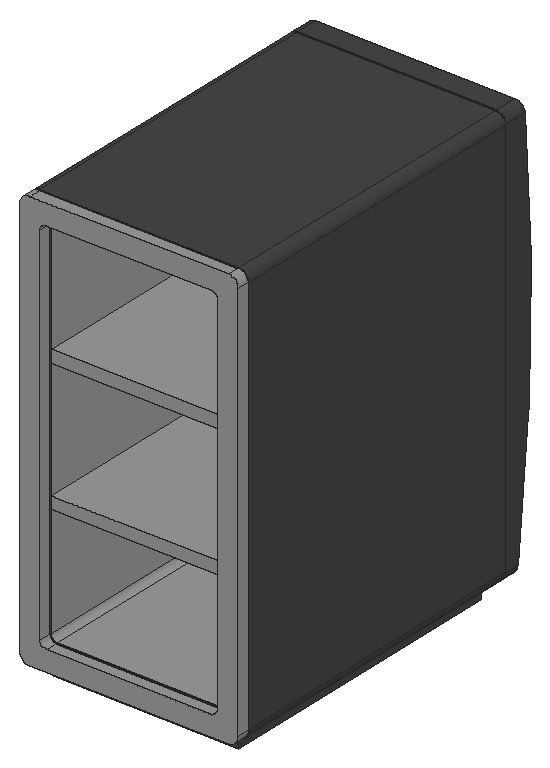
Revit family "Franke_Cup_warmer_A-Series-A200(USA)", category Specialty Equipment, Revit 2015
Parameters (values of type "Cup warmer A-Series-A200(110-127V/anthracite/USA)")
  Watts max. = 130 W
  Volts max. = 127 V
  URL = "https://www.franke.com/main/en/cs/products/product-search.html"
  Depth (mm) = 453 mm
  Volts min. = 110 V
  Max Overcurrent Protection = "-"
  Cycle Alternative = 60 Hz
  Cycle = 50 Hz
  Model = "410892 - Cup warmer A-Series - A200"
  Watts min. = 80 W
  Cost = 0
  Height (mm) = 544 mm
  Manufacturer = "Franke"
  Energy loss acc. to DIN 18873 = "-"
  Width (mm) = 270 mm
  Description = "A-Series key module  Cup warmer"
  Assembly Code = "key module  Cup warmer "
  Keynote = "key module  Cup warmer"
  Weight = "20 kg"
  Number of Poles = 1
  Number of Protective Conductors = "1"
  Number of Nutral Conductors = "1"
  Capacity = "up to 120 cups"
  Frontcover = Franke Anthracite
Types (3, lengths in mm): name | Frontcover
  (no name) | Franke Anthracite
  Cup warmer A-Series-A200(110-127V/black line/USA) | Franke Black
  Cup warmer A-Series-A200(110-127V/anthracite/USA) | Franke Anthracite
Reference planes
  plane 1 "Mitte (Vorne/Hinten)": y = 0
  plane 2: z = 0
  plane 3 "Mitte (Links/Rechts)": x = 0
Forms (mm)
  Extrusion 1, solid, material "Franke Anthracite" <- "Frontcover"
    sketch origin (0, 0, -41) x (1, 0, 0) y (0, 0, 1)
      loop
        line (123, 585) -> (-123, 585)
        arc (-123, 585) -> (-131.485, 581.485) -> (-135, 573) r 12
        line (-135, 573) -> (-135, 77)
        arc (-135, 77) -> (-131.485, 68.515) -> (-123, 65) r 12
        line (-123, 65) -> (-85, 65) -> (85, 65) -> (123, 65)
        arc (123, 65) -> (131.485, 68.515) -> (135, 77) r 12
        line (135, 77) -> (135, 573)
        arc (135, 573) -> (131.485, 581.485) -> (123, 585) r 12
      loop
        arc (102, 90) -> (107.657, 92.343) -> (110, 98) r 8
        line (110, 98) -> (110, 552)
        arc (110, 552) -> (107.657, 557.657) -> (102, 560) r 8
        line (102, 560) -> (-102, 560)
        arc (-102, 560) -> (-107.657, 557.657) -> (-110, 552) r 8
        line (-110, 552) -> (-110, 98)
        arc (-110, 98) -> (-107.657, 92.343) -> (-102, 90) r 8
        line (-102, 90) -> (102, 90)
    from 199.53 to 214.53
  Extrusion 2, solid, material "Franke Black"
    sketch origin (0, 0, -41) x (1, 0, 0) y (0, 0, 1)
      loop
        line (123, 585) -> (-123, 585)
        arc (-123, 585) -> (-131.485, 581.485) -> (-135, 573) r 12
        line (-135, 573) -> (-135, 77)
        arc (-135, 77) -> (-131.485, 68.515) -> (-123, 65) r 12
        line (-123, 65) -> (123, 65)
        arc (123, 65) -> (131.485, 68.515) -> (135, 77) r 12
        line (135, 77) -> (135, 573)
        arc (135, 573) -> (131.485, 581.485) -> (123, 585) r 12
      loop
        line (115, 565) -> (-115, 565) -> (-115, 85) -> (115, 85) -> (115, 565)
    from -198.03 to 198.03
  Extrusion 3, solid, material "Franke Black"
    sketch origin (0, 0, -41) x (0, 1, 0) y (0, 0, 1)
      loop
        line (186.97, 65) -> (-188.03, 65) -> (-188.03, 45) -> (186.97, 45) -> (186.97, 65)
    from -114 to 114
  Extrusion 4, solid, material "Franke Black"
    sketch origin (0, 0, -41) x (0, 1, 0) y (0, 0, 1)
      loop
        line (199.53, 585) -> (199.53, 65) -> (216.03, 65)
        arc (216.03, 65) -> (224.982, 150.997) -> (233.478, 237.039) r 16328.175
        arc (233.478, 237.039) -> (233.864, 241.879) -> (234.093, 246.728) r 150
        arc (234.093, 246.728) -> (236.227, 326.074) -> (237.701, 405.435) r 9548.581
        arc (237.701, 405.435) -> (237.699, 406.999) -> (237.648, 408.563) r 50
        arc (237.648, 408.563) -> (233.118, 496.797) -> (228.03, 585) r 14002.549
        line (228.03, 585) -> (199.53, 585)
    from -135 to 135
  Extrusion 5, void
    sketch origin (0, 0, -41) x (1, 0, 0) y (0, 0, 1)
      loop
        line (-123, 585) -> (-123, 595) -> (-145, 595) -> (-145, 573) -> (-135, 573)
        arc (-135, 573) -> (-131.485, 581.485) -> (-123, 585) r 12
      loop
        arc (123, 585) -> (131.485, 581.485) -> (135, 573) r 12
        line (135, 573) -> (145, 573) -> (145, 595) -> (123, 595) -> (123, 585)
      loop
        arc (-123, 65) -> (-131.485, 68.515) -> (-135, 77) r 12
        line (-135, 77) -> (-145, 77) -> (-145, 55) -> (-123, 55) -> (-123, 65)
      loop
        line (123, 65) -> (123, 55) -> (145, 55) -> (145, 77) -> (135, 77)
        arc (135, 77) -> (131.485, 68.515) -> (123, 65) r 12
    from -305.226 to 299.817
  Extrusion 6, solid, material "Franke Black"
    sketch origin (0, 0, -41) x (1, 0, 0) y (0, 1, 0)
      loop
        line (-107.5, 117.97) -> (-107.5, 96.52) -> (-90.75, 96.52) -> (-90.75, 117.97) -> (-107.5, 117.97)
      loop
        line (90.75, 117.97) -> (90.75, 96.52) -> (107.5, 96.52) -> (107.5, 117.97) -> (90.75, 117.97)
      loop
        line (-107.5, -97.58) -> (-107.5, -119.03) -> (-90.75, -119.03) -> (-90.75, -97.58) -> (-107.5, -97.58)
      loop
        line (90.75, -97.58) -> (90.75, -119.03) -> (107.5, -119.03) -> (107.5, -97.58) -> (90.75, -97.58)
    from 41 to 45
  Extrusion 7, solid, material "Franke Black"
    sketch origin (0, 0, -41) x (1, 0, 0) y (0, 0, 1)
      loop
        line (-120, 65) -> (120, 65) -> (120, 575) -> (-120, 575) -> (-120, 65)
      loop
        arc (-102, 560) -> (-107.657, 557.657) -> (-110, 552) r 8
        line (-110, 552) -> (-110, 98)
        arc (-110, 98) -> (-107.657, 92.343) -> (-102, 90) r 8
        line (-102, 90) -> (102, 90)
        arc (102, 90) -> (107.657, 92.343) -> (110, 98) r 8
        line (110, 98) -> (110, 552)
        arc (110, 552) -> (107.657, 557.657) -> (102, 560) r 8
        line (102, 560) -> (-102, 560)
    from 198.03 to 199.53
  Extrusion 8, solid, material "Franke Black"
    sketch origin (0, 397.56, -41) x (1, 0, 0) y (0, 0, 1)
      loop
        line (-120, 65) -> (120, 65) -> (120, 575) -> (-120, 575) -> (-120, 65)
    from 198.03 to 199.53
  Extrusion 9, solid, material "Franke Stainless Steel"
    sketch origin (0, 0, 0) x (1, 0, 0) y (0, 0, 1)
      loop
        line (-110, 372) -> (-110, 357) -> (110, 357) -> (110, 372) -> (-110, 372)
      loop
        line (-110, 210) -> (-110, 195) -> (110, 195) -> (110, 210) -> (-110, 210)
    from -190.97 to 198.03
  Extrusion 10, solid, material "Franke Stainless Steel"
    sketch origin (0, 0, 0) x (1, 0, 0) y (0, 0, 1)
      loop
        arc (-102, 519) -> (-107.657, 516.657) -> (-110, 511) r 8
        line (-110, 511) -> (-110, 57)
        arc (-110, 57) -> (-107.657, 51.343) -> (-102, 49) r 8
        line (-102, 49) -> (102, 49)
        arc (102, 49) -> (107.657, 51.343) -> (110, 57) r 8
        line (110, 57) -> (110, 511)
        arc (110, 511) -> (107.657, 516.657) -> (102, 519) r 8
        line (102, 519) -> (-102, 519)
    from -198.03 to -190.97
  Extrusion 11, solid, material "Franke Stainless Steel"
    sketch origin (0, 0, 0) x (1, 0, 0) y (0, 0, 1)
      loop
        line (-115, 524) -> (-115, 44) -> (115, 44) -> (115, 524) -> (-115, 524)
      loop
        arc (-102, 519) -> (-107.657, 516.657) -> (-110, 511) r 8
        line (-110, 511) -> (-110, 57)
        arc (-110, 57) -> (-107.657, 51.343) -> (-102, 49) r 8
        line (-102, 49) -> (102, 49)
        arc (102, 49) -> (107.657, 51.343) -> (110, 57) r 8
        line (110, 57) -> (110, 511)
        arc (110, 511) -> (107.657, 516.657) -> (102, 519) r 8
        line (102, 519) -> (-102, 519)
    from -190.97 to 198.03
  Extrusion 12, solid, material "Franke Chrome"
    sketch origin (0, 0, -41) x (1, 0, 0) y (0, 1, 0)
      loop
        circle (0, 146.221) r 2.5
    from 41 to 45
  Extrusion 13, void
    sketch origin (0, 0, -41) x (1, 0, 0) y (0, 1, 0)
      loop
        circle (-92.493, -139.31) r 16
      loop
        circle (92.493, -139.31) r 16
      loop
        circle (-92.493, 138.104) r 16
      loop
        circle (92.493, 138.104) r 16
    from 5 to 50
Cuts and joins
  Extrusion 13 cuts Extrusion 3
  Extrusion 5 cuts Extrusion 4
Dimensions and locks
  aligned and locked: level to plane 2
Connectors
  electrical at (0, 146.221, 0), driven by "Volts min.", driven by "Number of Poles"
    settings: on Extrusion 12, index 2, voltage 110 V, apparent load 0 VA, apparent load phase1 0 VA, apparent load phase2 0 VA, apparent load phase3 0 VA, power factor 1, load classification "Strom", number of poles 1, system type 31, power factor state 1, is connector primary yes, connector utility no, sub classification motor no, connector description ""
